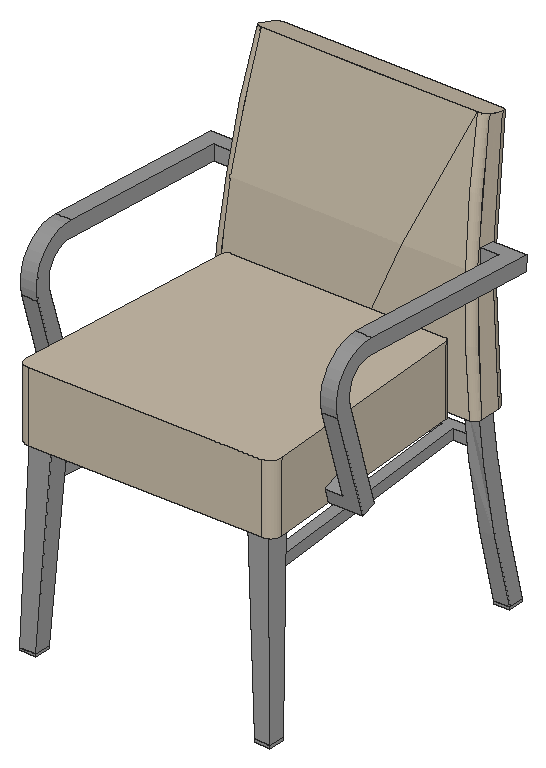
Revit family "FU_Chair_Sandler_Woodlook 2-9", category Furniture, Revit 2020
Family settings
  OmniClass Number = 23.40.20.00
  OmniClass Title = General Furniture and Specialties
  Work Plane-Based = No
  Always vertical = Yes
  Cut with Voids When Loaded = No
  Shared = No
  Room Calculation Point = No
Parameters (values of type "Woodlook 2.9")
  Woodlook = Woodlook - 24A Walnut
  Width = 510 mm
  Upholstery = Fabric - Mainline Flax - Upminster MLF20
  URL = "https://www.sandlerseating.com/product/woodlook-2-9/"
  Stretchers = yes
  Model = "Woodlook 2.9"
  Manufacturer = "Sandler"
  Height = 833 mm
  Grab Handle = no
  Description = "Woodlook armchair with frame manufactured entirely from aluminum but with realistic appearance of wood. Highly durable and scratch resistant. Stacks 5."
  Depth = 585 mm
  Default Elevation = 0 mm
  Arm Width = 600 mm
Types (4, lengths in mm): name | Woodlook | Upholstery | URL | Stretchers | Model | Grab Handle | Description | Arm Width
  (no name) | Woodlook - 24A Walnut | Fabric - Mainline Flax - Upminster MLF20 | "https://www.sandlerseating.com/product/woodlook-2-9/" | yes | "Woodlook 2.9" | no | "Woodlook armchair with frame manufactured entirely from aluminum but with realistic appearance of wood. Highly durable and scratch resistant. Stacks 5." | 600
  Woodlook 2.9 | Woodlook - 24A Walnut | Fabric - Mainline Flax - Upminster MLF20 | "https://www.sandlerseating.com/product/woodlook-2-9/" | yes | "Woodlook 2.9" | no | "Woodlook armchair with frame manufactured entirely from aluminum but with realistic appearance of wood. Highly durable and scratch resistant. Stacks 5." | 600
  Woodlook 2.9NS | Woodlook - 21A Teak | Fabric - Mainline Flax - Upminster MLF20 | "https://www.sandlerseating.com/product/woodlook-2-9-ns/" | yes | "Woodlook 2.9NS" | no | "Woodlook armchair with stretchers, frame manufactured entirely from aluminum but with realistic appearance of wood.\r\nHighly durable and scratch resistant. Non-Stacking." | 560
  Woodlook 2.9GH | Woodlook - 20A Natural Beech | Woodlook - Vinyl - Slate | "https://www.sandlerseating.com/product/w2-9/" | no | "Woodlook 2.9GH" | yes | "Woodlook armchair with frame manufactured entirely from aluminum but with realistic appearance of wood. Highly durable and scratch resistant. Stacks 5. With grip handle." | 600
Reference planes
  plane 1 "Center (Front/Back)": y = 0
  plane 2: z = 0
  plane 3 "Center (Left/Right)": x = 0
  plane 4 "Right": x = -255
  plane 5 "Left": x = 255
  plane 6 "Back": y = 292.5
  plane 7 "Front": y = -292.5
  plane 8 "Height": z = 833
  plane 9 "Seat Height": z = 485.542
  plane 10 "Back Front": y = 174.856
  plane 11 "Seat Base": z = 365.542
  plane 12 "Glide Height": z = 5
  plane 13 "BLL angle": through (237.528, -1524, 0) normal (-0.9993, 0, -0.0369)
  plane 14 "Stretcher base": z = 283.234
  plane 15 "back Stretch CT": y = 221.131
  plane 16 "stretcher front": y = -259.229
  plane 17 "handle top front": z = 731.393
  plane 18 "handle Base Front": z = 694.445
  plane 19 "handle top right front": x = -61.65
  plane 20 "handle top left front": x = 61.65
  plane 21 "HB Right Front": x = -47.688
  plane 22 "HB Left Front": x = 47.688
  plane 23 "handle base vert": y = 266.017
Forms (mm)
  Extrusion 1, solid, material "Fabric - Mainline Flax - Upminster MLF20" <- "Upholstery"
    sketch origin (0, 0, 365.542) x (1, 0, 0) y (0, 1, 0)
      loop
        arc (-203.687, 165.042) -> (-209.699, 162.233) -> (-212.629, 156.278) r 10
        arc (-212.629, 156.278) -> (-232.781, -57.035) -> (-242.333, -271.084) r 4320.96
        arc (-242.333, -271.084) -> (-236.332, -286.202) -> (-221.337, -292.5) r 21
        line (-221.337, -292.5) -> (221.337, -292.5)
        arc (221.337, -292.5) -> (236.332, -286.202) -> (242.333, -271.084) r 21
        arc (242.333, -271.084) -> (232.783, -57.072) -> (212.638, 156.205) r 4320.96
        arc (212.638, 156.205) -> (209.71, 162.158) -> (203.699, 164.969) r 10
        arc (203.699, 164.969) -> (0.008, 175.1) -> (-203.687, 165.042) r 2060.229
    from -11.637 to 120
  SweptBlend 2, solid, material "Fabric - Mainline Flax - Upminster MLF20" <- "Upholstery"
    path origin (0, 0, 0) x (0, 1, 0) y (0, 0, 1)
      loop
        arc (208.166, 354.92) -> (219.049, 594.41) -> (267.298, 829.242) r 1526.319
    profile "Pro_WL1-9_Back_bottom : Pro_WL1-9_Back_bottom" origin (0, 208.166, 354.92) x (0, -0.999449, -0.033199) y (1, 0, 0)
      loop
        line (32.633, 0) -> (32.633, 241.976)
        arc (32.633, 241.976) -> (28.825, 251.168) -> (19.633, 254.976) r 13
        line (19.633, 254.976) -> (-19.646, 254.976)
        arc (-19.646, 254.976) -> (-28.838, 251.168) -> (-32.646, 241.976) r 13
        line (-32.646, 241.976) -> (-32.646, 0) -> (-32.646, -241.976)
        arc (-32.646, -241.976) -> (-28.838, -251.168) -> (-19.646, -254.976) r 13
        line (-19.646, -254.976) -> (19.633, -254.976)
        arc (19.633, -254.976) -> (28.825, -251.168) -> (32.633, -241.976) r 13
        line (32.633, -241.976) -> (32.633, 0)
    end profile "Pro_WL1-9_Back_top : Pro_WL1-9_Back_top" origin (0, 267.298, 829.242) x (0, -0.960707, 0.277563) y (1, 0, 0)
      loop
        line (29, -206) -> (29, 206)
        arc (29, 206) -> (25.192, 215.192) -> (16, 219) r 13
        line (16, 219) -> (-16, 219)
        arc (-16, 219) -> (-25.192, 215.192) -> (-29, 206) r 13
        line (-29, 206) -> (-29, -206)
        arc (-29, -206) -> (-25.192, -215.192) -> (-16, -219) r 13
        line (-16, -219) -> (16, -219)
        arc (16, -219) -> (25.192, -215.192) -> (29, -206) r 13
  Blend 3, solid, material "Woodlook - 24A Walnut" <- "Woodlook"
    base sketch origin (0, 0, 5) x (0, -1, 0) y (1, 0, 0)
      loop
        line (292.5, 237.367) -> (262.5, 237.367) -> (262.5, 207.367) -> (292.5, 207.367) -> (292.5, 237.367)
    top sketch origin (0, 0, 365.542) x (1, 0, 0) y (0, 1, 0)
      loop
        line (226.376, -282.027) -> (226.376, -242.027) -> (186.376, -242.027) -> (186.376, -282.027) -> (226.376, -282.027)
    from 0 to 0
  Sweep 4, solid, material "Woodlook - 24A Walnut" <- "Woodlook"
    path origin (237.204, 0, 8.768) x (0.036938, 0, -0.999318) y (0, -1, 0)
      loop
        arc (19.035, -276.121) -> (-182.758, -233.487) -> (-387.964, -212.787) r 1916.333
    profile origin (230.453, 233.487, 191.401) x (-0.00568, 0.988108, 0.153658) y (-0.999318, 0, -0.036938)
      loop
        line (-14.582, -14.417) -> (14.417, -14.582) -> (14.582, 14.417) -> (-14.417, 14.582) -> (-14.582, -14.417)
  Extrusion 5, void
    sketch origin (0, 0, 0) x (1, 0, 0) y (0, 1, 0)
      loop
        line (209.509, 307.245) -> (209.509, 247.245) -> (269.509, 247.245) -> (269.509, 307.245) -> (209.509, 307.245)
    from -29.51 to 5
  Blend 6, solid, material "Woodlook - 24A Walnut" <- "Woodlook"
    base sketch origin (0, 0, 5) x (0, -1, 0) y (1, 0, 0)
      loop
        line (292.5, -237.367) -> (292.5, -207.367) -> (262.5, -207.367) -> (262.5, -237.367) -> (292.5, -237.367)
    top sketch origin (0, 0, 365.542) x (-1, 0, 0) y (0, -1, 0)
      loop
        line (226.376, 282.027) -> (186.376, 282.027) -> (186.376, 242.027) -> (226.376, 242.027) -> (226.376, 282.027)
    from 0 to 0
  Sweep 7, solid, material "Woodlook - 24A Walnut" <- "Woodlook"
    path origin (-237.204, 0, 8.768) x (-0.036938, 0, -0.999318) y (0, 1, 0)
      loop
        arc (19.035, 276.121) -> (-182.758, 233.487) -> (-387.964, 212.787) r 1916.333
    profile origin (-230.453, 233.487, 191.401) x (-0.00568, -0.988108, -0.153658) y (0.999318, 0, -0.036938)
      loop
        line (14.582, -14.417) -> (14.417, 14.582) -> (-14.582, 14.417) -> (-14.417, -14.582) -> (14.582, -14.417)
  Extrusion 8, void
    sketch origin (0, 0, 0) x (-1, 0, 0) y (0, -1, 0)
      loop
        line (209.509, -307.245) -> (269.509, -307.245) -> (269.509, -247.245) -> (209.509, -247.245) -> (209.509, -307.245)
    from -29.51 to 5
  Extrusion 9, solid, material "Rubber, Black"
    sketch origin (0, 0, 0) x (1, 0, 0) y (0, 1, 0)
      loop
        line (237.367, -292.5) -> (237.367, -262.5) -> (207.367, -262.5) -> (207.367, -292.5) -> (237.367, -292.5)
    from 0 to 5
  Extrusion 10, solid, material "Rubber, Black"
    sketch origin (0, 0, 0) x (-1, 0, 0) y (0, -1, 0)
      loop
        line (237.367, 292.5) -> (207.367, 292.5) -> (207.367, 262.5) -> (237.367, 262.5) -> (237.367, 292.5)
    from 0 to 5
  Extrusion 11, solid, material "Rubber, Black"
    sketch origin (0, 0, 0) x (1, 0, 0) y (0, 1, 0)
      loop
        line (222.916, 287.024) -> (222.916, 257.171) -> (251.77, 257.171) -> (251.77, 287.024) -> (222.916, 287.024)
    from 0 to 5
  Extrusion 12, solid, material "Rubber, Black"
    sketch origin (0, 0, 0) x (-1, 0, 0) y (0, -1, 0)
      loop
        line (222.916, -287.024) -> (251.77, -287.024) -> (251.77, -257.171) -> (222.916, -257.171) -> (222.916, -287.024)
    from 0 to 5
  Blend 13, solid, material "Woodlook - 24A Walnut" <- "Woodlook", visible <- "Stretchers"
    base sketch origin (0, 0, 0) x (1, 0, 0) y (0, 0, 1)
      loop
        line (226.381, 283.234) -> (226.381, 303.234) -> (204.381, 303.234) -> (204.381, 283.234) -> (226.381, 283.234)
    top sketch origin (0, 0, 0) x (1, 0, 0) y (0, 0, 1)
      loop
        line (180.953, 283.234) -> (180.953, 303.234) -> (158.953, 303.234) -> (158.953, 283.234) -> (180.953, 283.234)
    from 259.229 to -221.131
  Blend 14, solid, material "Woodlook - 24A Walnut" <- "Woodlook", visible <- "Stretchers"
    base sketch origin (0, 0, 0) x (-1, 0, 0) y (0, 0, -1)
      loop
        line (226.381, -283.234) -> (204.381, -283.234) -> (204.381, -303.234) -> (226.381, -303.234) -> (226.381, -283.234)
    top sketch origin (0, 0, 0) x (-1, 0, 0) y (0, 0, -1)
      loop
        line (180.953, -283.234) -> (158.953, -283.234) -> (158.953, -303.234) -> (180.953, -303.234) -> (180.953, -283.234)
    from 259.229 to -221.131
  Extrusion 15, solid, material "Woodlook - 24A Walnut" <- "Woodlook", visible <- "Stretchers"
    sketch origin (0, 0, 283.234) x (0, -1, 0) y (1, 0, 0)
      loop
        line (-233.013, -222.356) -> (-211.013, -222.356) -> (-211.013, 219.302) -> (-233.013, 219.302) -> (-233.013, -222.356)
    from 0 to 20
  Blend 16, solid, material "Metal - Chrome - Polished", visible <- "Grab Handle"
    base sketch origin (0, 0, 283.234) x (0, -1, 0) y (1, 0, 0)
      loop
        line (-273.078, 0) -> (-273.078, -28.903)
        arc (-273.078, -28.903) -> (-271.259, -35.487) -> (-267.583, -41.245) r 22.958
        line (-267.583, -41.245) -> (-267.583, -47.688) -> (-264.767, -47.688) -> (-264.767, -41.245)
        arc (-264.767, -41.245) -> (-268.443, -35.487) -> (-270.262, -28.903) r 22.958
        line (-270.262, -28.903) -> (-270.262, 0) -> (-270.262, 28.903)
        arc (-270.262, 28.903) -> (-268.443, 35.487) -> (-264.767, 41.245) r 22.958
        line (-264.767, 41.245) -> (-264.767, 47.688) -> (-267.583, 47.688) -> (-267.583, 41.245)
        arc (-267.583, 41.245) -> (-271.259, 35.487) -> (-273.078, 28.903) r 22.958
        line (-273.078, 28.903) -> (-273.078, 0)
    top sketch origin (0, 0, 283.234) x (0, -1, 0) y (1, 0, 0)
      loop
        line (-281.109, 0) -> (-281.109, -42.864)
        arc (-281.109, -42.864) -> (-279.289, -49.449) -> (-275.614, -55.206) r 22.958
        arc (-275.614, -55.206) -> (-275.198, -58.426) -> (-274.823, -61.65) r 264.094
        line (-274.823, -61.65) -> (-272.006, -61.65)
        arc (-272.006, -61.65) -> (-272.382, -58.426) -> (-272.797, -55.206) r 264.094
        arc (-272.797, -55.206) -> (-276.473, -49.449) -> (-278.292, -42.864) r 22.958
        line (-278.292, -42.864) -> (-278.292, 0) -> (-278.292, 42.864)
        arc (-278.292, 42.864) -> (-276.473, 49.449) -> (-272.797, 55.206) r 22.958
        arc (-272.797, 55.206) -> (-272.382, 58.426) -> (-272.006, 61.65) r 264.094
        line (-272.006, 61.65) -> (-274.823, 61.65)
        arc (-274.823, 61.65) -> (-275.198, 58.426) -> (-275.614, 55.206) r 264.094
        arc (-275.614, 55.206) -> (-279.289, 49.449) -> (-281.109, 42.864) r 22.958
        line (-281.109, 42.864) -> (-281.109, 0)
    from 411.211 to 448.159
Cuts and joins
  joined: Extrusion 1, SweptBlend 2
  Extrusion 5, Extrusion 8 cuts Sweep 4
  Extrusion 8 cuts Sweep 7
  joined: Blend 13, Blend 14, Extrusion 15
Dimensions and locks
  equal spacing: plane 6 "Back", plane 1 "Center (Front/Back)", plane 7 "Front"
  "Depth": plane 6 "Back" to plane 7 "Front"
  equal spacing: plane 4 "Right", plane 3 "Center (Left/Right)", plane 5 "Left"
  "Width": plane 4 "Right" to plane 5 "Left"
  "Height": plane 8 "Height" to level
  plane 12 "Glide Height" to plane 2 = 5 mm
  equal spacing: plane 19 "handle top right front", plane 3 "Center (Left/Right)", plane 20 "handle top left front"
  equal spacing: plane 22 "HB Left Front", plane 3 "Center (Left/Right)", plane 21 "HB Right Front"
  aligned and locked: level to plane 2
  aligned and locked: plane 9 "Seat Height" to Extrusion 1
  aligned and locked: Extrusion 5 to plane 12 "Glide Height"
  aligned and locked: Extrusion 9 to level
  aligned and locked: plane 12 "Glide Height" to Extrusion 9
  aligned and locked: Extrusion 11 to level
Automatic sketch dimensions
  Extrusion 1 sketch curve to plane 7 "Front" = 0 mm
  Extrusion 1 sketch curve to plane 7 "Front" = 64.137 mm  (x2)
  plane 4 "Right" to Extrusion 1 sketch curve = 3822.78 mm
  Extrusion 1 sketch curve to plane 4 "Right" = 33.663 mm
  Extrusion 1 sketch curve to plane 10 "Back Front" = 19.766 mm
  Extrusion 1 sketch curve to plane 4 "Right" = 52.3 mm
  Extrusion 1 sketch curve to plane 3 "Center (Left/Right)" = 0.362 mm
  Extrusion 1 sketch curve to plane 10 "Back Front" = 19.838 mm
  plane 5 "Left" to Extrusion 1 sketch curve = 52.291 mm
  plane 5 "Left" to Extrusion 1 sketch curve = 33.663 mm
  Extrusion 1 sketch curve to plane 5 "Left" = 3822.78 mm
  Extrusion 1 sketch curve to plane 7 "Front" = 1592.63 mm
  Extrusion 1 sketch curve to plane 16 "stretcher front" = 12.271 mm  (x2)
  Extrusion 1 sketch curve to Extrusion 1 sketch curve = 0 mm  (x5)
  SweptBlend 2 sketch curve to plane 11 "Seat Base" = 40.05 mm
  plane 6 "Back" to SweptBlend 2 sketch curve = 1441.144 mm
  SweptBlend 2 sketch curve to plane 8 "Height" = 3.758 mm
  SweptBlend 2 sketch curve to plane 6 "Back" = 25.202 mm
  plane 11 "Seat Base" to SweptBlend 2 sketch curve = 10.622 mm
  Blend 3 sketch curve to plane 7 "Front" = 0 mm
  Blend 3 sketch curve to plane 16 "stretcher front" = 3.271 mm
  plane 5 "Left" to Blend 3 sketch curve = 47.633 mm
  plane 5 "Left" to Blend 3 sketch curve = 17.633 mm
  plane 7 "Front" to Blend 3 sketch curve = 10.473 mm
  plane 5 "Left" to Blend 3 sketch curve = 68.624 mm
  plane 5 "Left" to Blend 3 sketch curve = 28.624 mm
  plane 16 "stretcher front" to Blend 3 sketch curve = 17.202 mm
  plane 6 "Back" to Sweep 4 sketch curve = 1834.531 mm
  Sweep 4 sketch curve to plane 15 "back Stretch CT" = 8.344 mm
  Sweep 4 sketch curve to Sweep 4 sketch curve = 89.455 mm
  Sweep 4 sketch curve to plane 6 "Back" = 16.379 mm
  profile plane to Sweep 4 sketch curve = 14.582 mm
  profile plane to Sweep 4 sketch curve = 14.417 mm
  Sweep 4 sketch curve to profile plane = 14.417 mm
  Sweep 4 sketch curve to plane 13 "BLL angle" = 14.582 mm
  Sweep 4 sketch curve to plane 13 "BLL angle" = 14.417 mm
  plane 5 "Left" to Extrusion 5 sketch curve = 45.491 mm
  Extrusion 5 sketch curve to plane 5 "Left" = 14.509 mm
  plane 15 "back Stretch CT" to Extrusion 5 sketch curve = 26.114 mm
  plane 6 "Back" to Extrusion 5 sketch curve = 14.745 mm
  Blend 6 sketch curve to plane 7 "Front" = 0 mm
  plane 16 "stretcher front" to Blend 6 sketch curve = 3.271 mm
  plane 4 "Right" to Blend 6 sketch curve = 47.633 mm
  plane 4 "Right" to Blend 6 sketch curve = 17.633 mm
  Blend 6 sketch curve to plane 7 "Front" = 10.473 mm
  plane 4 "Right" to Blend 6 sketch curve = 68.624 mm
  plane 4 "Right" to Blend 6 sketch curve = 28.624 mm
  Blend 6 sketch curve to plane 16 "stretcher front" = 17.202 mm
  plane 6 "Back" to Sweep 7 sketch curve = 1834.531 mm
  Sweep 7 sketch curve to plane 15 "back Stretch CT" = 8.344 mm
  Sweep 7 sketch curve to Sweep 7 sketch curve = 89.455 mm
  Sweep 7 sketch curve to plane 6 "Back" = 16.379 mm
  profile plane to Sweep 7 sketch curve = 14.582 mm
  profile plane to Sweep 7 sketch curve = 14.417 mm
  Sweep 7 sketch curve to profile plane = 14.417 mm  (x2)
  Sweep 7 sketch curve to profile plane = 14.582 mm
  plane 4 "Right" to Extrusion 8 sketch curve = 45.491 mm
  Extrusion 8 sketch curve to plane 4 "Right" = 14.509 mm
  Extrusion 8 sketch curve to plane 15 "back Stretch CT" = 26.114 mm
  Extrusion 8 sketch curve to plane 6 "Back" = 14.745 mm
  Extrusion 9 sketch curve to plane 7 "Front" = 0 mm
  plane 5 "Left" to Extrusion 9 sketch curve = 47.633 mm
  Extrusion 9 sketch curve to plane 16 "stretcher front" = 3.271 mm
  plane 5 "Left" to Extrusion 9 sketch curve = 17.633 mm
  Extrusion 10 sketch curve to plane 7 "Front" = 0 mm
  plane 4 "Right" to Extrusion 10 sketch curve = 47.633 mm
  plane 16 "stretcher front" to Extrusion 10 sketch curve = 3.271 mm
  plane 4 "Right" to Extrusion 10 sketch curve = 17.633 mm
  plane 5 "Left" to Extrusion 11 sketch curve = 32.084 mm
  plane 5 "Left" to Extrusion 11 sketch curve = 3.23 mm
  Extrusion 11 sketch curve to plane 6 "Back" = 35.329 mm
  Extrusion 11 sketch curve to plane 6 "Back" = 5.476 mm
  plane 4 "Right" to Extrusion 12 sketch curve = 32.084 mm
  plane 4 "Right" to Extrusion 12 sketch curve = 3.23 mm
  plane 6 "Back" to Extrusion 12 sketch curve = 35.329 mm
  plane 6 "Back" to Extrusion 12 sketch curve = 5.476 mm
  Blend 13 sketch curve to plane 14 "Stretcher base" = 0 mm  (x2)
  plane 5 "Left" to Blend 13 sketch curve = 50.619 mm
  Blend 13 sketch curve to Blend 13 sketch curve = 22 mm  (x2)
  Blend 13 sketch curve to Blend 13 sketch curve = 20 mm  (x2)
  plane 5 "Left" to Blend 13 sketch curve = 96.047 mm
  Blend 14 sketch curve to plane 14 "Stretcher base" = 0 mm  (x2)
  plane 4 "Right" to Blend 14 sketch curve = 50.619 mm
  Blend 14 sketch curve to Blend 14 sketch curve = 22 mm  (x2)
  Blend 14 sketch curve to Blend 14 sketch curve = 20 mm  (x2)
  plane 4 "Right" to Blend 14 sketch curve = 96.047 mm
  plane 15 "back Stretch CT" to Extrusion 15 sketch curve = 11.882 mm
  Extrusion 15 sketch curve to plane 15 "back Stretch CT" = 10.118 mm
  Extrusion 15 sketch curve to plane 4 "Right" = 32.644 mm
  plane 5 "Left" to Extrusion 15 sketch curve = 35.698 mm
  Blend 16 sketch curve to plane 3 "Center (Left/Right)" = 0 mm  (x4)
  Blend 16 sketch curve to plane 20 "handle top left front" = 0 mm
  Blend 16 sketch curve to plane 19 "handle top right front" = 0 mm
  plane 19 "handle top right front" to Blend 16 sketch curve = 28.954 mm
  plane 6 "Back" to Blend 16 sketch curve = 244.825 mm
  Blend 16 sketch curve to plane 20 "handle top left front" = 28.954 mm
  Blend 16 sketch curve to Blend 16 sketch curve = 0 mm  (x11)
  Blend 16 sketch curve to Blend 16 sketch curve = 2.816 mm  (x12)
  Blend 16 sketch curve to plane 22 "HB Left Front" = 4.824 mm
  Blend 16 sketch curve to plane 6 "Back" = 11.391 mm
  Blend 16 sketch curve to plane 6 "Back" = 17.677 mm  (x2)
  plane 21 "HB Right Front" to Blend 16 sketch curve = 7.578 mm
  Blend 16 sketch curve to Blend 16 sketch curve = 19.976 mm  (x4)
  Blend 16 sketch curve to plane 22 "HB Left Front" = 7.578 mm
  plane 21 "HB Right Front" to Blend 16 sketch curve = 4.824 mm
  Blend 16 sketch curve to plane 22 "HB Left Front" = 0 mm
  Blend 16 sketch curve to plane 21 "HB Right Front" = 0 mm
  Blend 16 sketch curve to plane 6 "Back" = 19.422 mm
  Blend 16 sketch curve to Blend 16 sketch curve = 2.679 mm  (x2)
  plane 21 "HB Right Front" to Blend 16 sketch curve = 6.444 mm
  Blend 16 sketch curve to Blend 16 sketch curve = 12.342 mm
  Blend 16 sketch curve to plane 22 "HB Left Front" = 21.539 mm
  Blend 16 sketch curve to plane 22 "HB Left Front" = 18.785 mm
Nested families
  nested 1: "WL 2-9_Arms" at (0, 0, 2), Woodlook <- "Woodlook", Arms Width <- "Arm Width", type "Woodlook 1.9"
    with Woodlook Woodlook - 24A Walnut, Arms Width 600 mm
Definition of nested family "WL 2-9_Arms"
  Parameters (values of type "Woodlook 1.9")
    Woodlook [instance] = none
    Default Elevation = 0 mm
    Arms Width [instance] = 600 mm
  Reference planes
    plane 1 "Center (Front/Back)": y = 0
    plane 2: z = 0
    plane 3 "Center (Left/Right)": x = 0
    plane 4 "BLL angle": through (237.528, -1524, 0) normal (-0.9993, 0, -0.0369)
    plane 5 "Right Arm W": x = -300
    plane 6 "Left Arm W": x = 300
  Forms (mm)
    Extrusion 1, solid, material <- "Woodlook"
      sketch origin (-300, 0, 0) x (0, 1, 0) y (0, 0, 1)
        loop
          line (-151.717, 353.546) -> (-123.877, 362.057) -> (-182.462, 553.679)
          arc (-182.462, 553.679) -> (-174.01, 599.127) -> (-131.911, 618.222) r 50
          line (-131.911, 618.222) -> (236.007, 598.062) -> (237.581, 626.79) -> (-128.942, 646.874)
          arc (-128.942, 646.874) -> (-196.301, 616.322) -> (-209.824, 543.604) r 80
          line (-209.824, 543.604) -> (-151.717, 353.546)
      from 0 to 30
    Extrusion 2, solid, material <- "Woodlook"
      sketch origin (-300, 0, 0) x (0, 1, 0) y (0, 0, 1)
        loop
          line (-151.717, 353.546) -> (-123.877, 362.057) -> (-132.36, 389.802) -> (-160.199, 381.291) -> (-151.717, 353.546)
      from 0 to 300
    Extrusion 3, solid, material <- "Woodlook"
      sketch origin (-300, 0, 0) x (0, 1, 0) y (0, 0, 1)
        loop
          line (237.581, 626.79) -> (208.66, 628.375) -> (207.086, 599.647) -> (236.007, 598.062) -> (237.581, 626.79)
      from 0 to 300
    Extrusion 4, solid, material <- "Woodlook"
      sketch origin (300, 0, 0) x (0, 1, 0) y (0, 0, -1)
        loop
          line (-151.717, -353.546) -> (-160.199, -381.291) -> (-132.36, -389.802) -> (-123.877, -362.057) -> (-151.717, -353.546)
      from 0 to 300
    Extrusion 5, solid, material <- "Woodlook"
      sketch origin (300, 0, 0) x (0, 1, 0) y (0, 0, -1)
        loop
          line (237.581, -626.79) -> (236.007, -598.062) -> (207.086, -599.647) -> (208.66, -628.375) -> (237.581, -626.79)
      from 0 to 300
    Extrusion 6, solid, material <- "Woodlook"
      sketch origin (300, 0, 0) x (0, 1, 0) y (0, 0, -1)
        loop
          line (-151.717, -353.546) -> (-209.824, -543.604)
          arc (-209.824, -543.604) -> (-196.301, -616.322) -> (-128.942, -646.874) r 80
          line (-128.942, -646.874) -> (237.581, -626.79) -> (236.007, -598.062) -> (-131.911, -618.222)
          arc (-131.911, -618.222) -> (-174.01, -599.127) -> (-182.462, -553.679) r 50
          line (-182.462, -553.679) -> (-123.877, -362.057) -> (-151.717, -353.546)
      from 0 to 30
  Cuts and joins
    joined: Extrusion 1, Extrusion 2, Extrusion 3, Extrusion 4, Extrusion 5, Extrusion 6
  Dimensions and locks
    equal spacing: plane 5 "Right Arm W", plane 3 "Center (Left/Right)", plane 6 "Left Arm W"
    "Arms Width": plane 5 "Right Arm W" to plane 6 "Left Arm W"
    aligned and locked: level to plane 2
    aligned and locked: plane 3 "Center (Left/Right)" to Extrusion 2
    aligned and locked: plane 3 "Center (Left/Right)" to Extrusion 3
    aligned and locked: Extrusion 1 to plane 5 "Right Arm W"
    aligned and locked: Extrusion 2 to plane 5 "Right Arm W"
    aligned and locked: Extrusion 3 to plane 5 "Right Arm W"
    aligned and locked: plane 6 "Left Arm W" to Extrusion 5
    aligned and locked: plane 6 "Left Arm W" to Extrusion 4
    aligned and locked: plane 6 "Left Arm W" to Extrusion 6
  Automatic sketch dimensions
    Extrusion 1 sketch curve to Extrusion 1 sketch curve = 27.362 mm
    Extrusion 1 sketch curve to Extrusion 1 sketch curve = 47.815 mm
    Extrusion 1 sketch curve to Extrusion 1 sketch curve = 1.327 mm
    Extrusion 1 sketch curve to Extrusion 1 sketch curve = 2.736 mm
    Extrusion 1 sketch curve to Extrusion 1 sketch curve = 2.969 mm
    Extrusion 1 sketch curve to Extrusion 1 sketch curve = 27.84 mm
    Extrusion 1 sketch curve to Extrusion 1 sketch curve = 1.303 mm
    Extrusion 2 sketch curve to Extrusion 2 sketch curve = 8.483 mm
    Extrusion 3 sketch curve to Extrusion 3 sketch curve = 1.585 mm
    Extrusion 4 sketch curve to Extrusion 4 sketch curve = 8.483 mm
    Extrusion 5 sketch curve to Extrusion 5 sketch curve = 1.585 mm
    Extrusion 6 sketch curve to Extrusion 6 sketch curve = 27.362 mm
    Extrusion 6 sketch curve to Extrusion 6 sketch curve = 47.815 mm
    Extrusion 6 sketch curve to Extrusion 6 sketch curve = 1.327 mm
    Extrusion 6 sketch curve to Extrusion 6 sketch curve = 2.736 mm
    Extrusion 6 sketch curve to Extrusion 6 sketch curve = 2.969 mm
    Extrusion 6 sketch curve to Extrusion 6 sketch curve = 27.84 mm
    Extrusion 6 sketch curve to Extrusion 6 sketch curve = 1.303 mm
    plane 1 "Center (Front/Back)" to Extrusion 1 sketch curve = 209.824 mm
    Extrusion 1 sketch curve to plane 1 "Center (Front/Back)" = 236.007 mm
    plane 1 "Center (Front/Back)" to Extrusion 2 sketch curve = 160.199 mm
    Extrusion 3 sketch curve to plane 1 "Center (Front/Back)" = 207.086 mm
    Extrusion 3 sketch curve to Extrusion 3 sketch curve = 1.574 mm
    plane 1 "Center (Front/Back)" to Extrusion 4 sketch curve = 160.199 mm
    Extrusion 5 sketch curve to plane 1 "Center (Front/Back)" = 207.086 mm
    Extrusion 5 sketch curve to Extrusion 5 sketch curve = 1.574 mm
    Extrusion 6 sketch curve to plane 1 "Center (Front/Back)" = 209.824 mm
    plane 1 "Center (Front/Back)" to Extrusion 6 sketch curve = 236.007 mm
    plane 1 "Center (Front/Back)" to Extrusion 1 sketch curve = 151.717 mm
    Extrusion 1 sketch curve to Extrusion 1 sketch curve = 1.574 mm
    level to Extrusion 1 sketch curve = 353.546 mm
    Extrusion 1 sketch curve to Extrusion 1 sketch curve = 8.511 mm
    Extrusion 1 sketch curve to Extrusion 1 sketch curve = 13.315 mm
    Extrusion 2 sketch curve to Extrusion 2 sketch curve = 27.84 mm
    level to Extrusion 2 sketch curve = 353.546 mm
    Extrusion 2 sketch curve to Extrusion 2 sketch curve = 8.511 mm
    Extrusion 3 sketch curve to Extrusion 3 sketch curve = 28.921 mm
    level to Extrusion 3 sketch curve = 598.062 mm
    Extrusion 4 sketch curve to Extrusion 4 sketch curve = 27.84 mm
    level to Extrusion 4 sketch curve = 389.802 mm
    Extrusion 4 sketch curve to Extrusion 4 sketch curve = 8.511 mm
    Extrusion 5 sketch curve to Extrusion 5 sketch curve = 28.921 mm
    level to Extrusion 5 sketch curve = 628.375 mm
    Extrusion 6 sketch curve to plane 1 "Center (Front/Back)" = 151.717 mm
    Extrusion 6 sketch curve to Extrusion 6 sketch curve = 1.574 mm
    Extrusion 6 sketch curve to level = 353.546 mm
    Extrusion 6 sketch curve to Extrusion 6 sketch curve = 8.511 mm
    Extrusion 6 sketch curve to Extrusion 6 sketch curve = 13.315 mm
